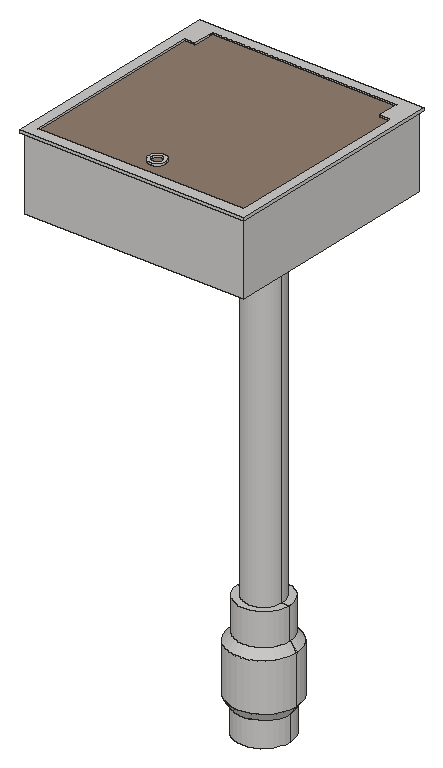
Revit family
Parameters (values of type "5812-02")
  Width = 10 1/2"
  Weight (lb) = 34.7
  Waste Connection = no
  Warranty = "1 year material and workmanship"  # constant formula
  Vent Connection = no
  URL = "http://www.jrsmith.com"
  Technical and Installation = "http://www.jrsmith.com/products/hyd/techdata/hydrants_technical_data.htm"
  SmartBIM Object Version = 3  # constant formula
  SmartBIM Object Created By = "Reed Construction Data"  # constant formula
  Product URL = "http://www.jrsmith.com/products/hyd/submittal/d5812.pdf"
  Pipe Size = 1 1/4"
  OmniClass Title = "Facility Water Distribution and Piping"  # constant formula
  OmniClass Code = "22-22 11 13"  # constant formula
  Model = "5812"  # constant formula
  Material Finish = Bronze
  Material = Stainless Steel
  Manufacturer = "Jay R. Smith Mfg. Co. "  # constant formula
  HW Connection = no
  Flow Rate = ""
  Description = "Bronze non-freeze ground hydrant with T handle key and bronze hydrant box"  # constant formula
  Depth of Bury = 25"
  Depth = 10 1/2"
  CW Connection = no
  Assembly Code = "D2020300"
  Action = "Key Turn "
  95 CSI = "15100"  # constant formula
  04 CSI = "22 11 13"  # constant formula
Types (7): name | Weight (lb)
  5812-02 | 34.7
  5812-03 | 36.79
  5812-04 | 39.43
  5812-05 | 43.28
  5812-06 | 47.47
  5812-07 | 51.65
  5812-08 | 51.65
Reference planes (in)
  plane 1 "Center (Front/Back)": y = 0
  plane 2: z = 0
  plane 3 "Center (Left/Right)": x = 0
  plane 4: z = 0.125
  plane 5: z = 0
  plane 6: x = -5.25
  plane 7: x = 5.25
  plane 8: y = 5.25
  plane 9: y = -5.25
  plane 10: z = 0.0625
  plane 11: z = -3.375
  plane 12: z = -3.25
  plane 13: x = -5.25
  plane 14: x = 5.125
  plane 15: y = 5.125
  plane 16: y = -5.125
  plane 17: x = 5.125
  plane 18: x = -5.125
  plane 19: x = -5
  plane 20: x = 5
  plane 21: y = 5
  plane 22: y = -5
  plane 23: y = 1.79386
  plane 24: y = -1.77823
  plane 25: x = 1.95992
  plane 26: x = 3.79485
  plane 27: z = -24.875
Forms (in)
  Extrusion 1, solid, material "Stainless Steel" <- "Material"
    sketch origin (-66.61573, 53.25, 0.12439) x (-1, 0, 0) y (0, -1, 0)
      loop
        line (-71.86573, 48) -> (-61.36573, 48) -> (-61.36573, 58.5) -> (-71.86573, 58.5) -> (-71.86573, 48)
      loop
        line (-71.43604, 57.975) -> (-71.43604, 49.40625) -> (-70.93448, 49.40625) -> (-70.93448, 48.40625) -> (-62.29698, 48.40625) -> (-62.29698, 49.40625) -> (-61.79698, 49.40625) -> (-61.79698, 57.975) -> (-71.43604, 57.975)
    from -0.12439 to 0.00061
  Extrusion 2, solid, material "Bronze" <- "Material Finish"
    sketch origin (-66.61573, 53.25, 0.12439) x (-1, 0, 0) y (0, -1, 0)
      loop
        line (-62.29698, 48.40625) -> (-62.29698, 49.40625) -> (-61.79698, 49.40625) -> (-61.79698, 57.975) -> (-71.43604, 57.975) -> (-71.43604, 49.40625) -> (-70.93448, 49.40625) -> (-70.93448, 48.40625) -> (-62.29698, 48.40625)
    from -0.12439 to -0.06189
  Extrusion 3, solid, material "Stainless Steel" <- "Material"
    sketch origin (-66.61573, 53.25, 0.12439) x (-1, 0, 0) y (0, -1, 0)
      loop
        circle (-66.61573, 57.0281) r 0.39706
      loop
        circle (-66.61573, 57.0281) r 0.25
    from 0.00061 to -0.06189
  Extrusion 4, solid, material "Stainless Steel" <- "Material"
    sketch origin (-66.61573, 53.25, 0.12439) x (-1, 0, 0) y (0, -1, 0)
      loop
        line (-71.74073, 48.125) -> (-61.49073, 48.125) -> (-61.49073, 58.375) -> (-71.74073, 58.375) -> (-71.74073, 48.125)
    from -0.12439 to -3.49939
  Extrusion 5, void
    sketch origin (0, 0, 0) x (1, 0, 0) y (0, 0, 1)
      loop
        line (-5, 0) -> (-5, -3.25) -> (5, -3.25) -> (5, 0) -> (-5, 0)
    from -5 to 5
  Revolve 6, solid, material "Stainless Steel" <- "Material"
    sketch origin (15.27801, 0, 0) x (1, 0, 0) y (0, 0, 1)
      loop
        line (-12.67435, -24.875) -> (-12.06808, -24.875) -> (-12.06808, -23.69696) -> (-11.7813, -23.28739) -> (-11.7813, -21.03739) -> (-12.10269, -20.65436) -> (-12.10269, -19.15436) -> (-12.45044, -19.15436) -> (-12.45044, -3.375) -> (-12.70044, -3.375) -> (-12.70044, -20.68391) -> (-12.95044, -20.68391) -> (-12.95044, -20.93391) -> (-12.30998, -20.93391) -> (-12.10269, -21.14121) -> (-12.10269, -23.19711) -> (-12.37796, -23.47238) -> (-12.87796, -23.47238) -> (-12.87796, -23.63821) -> (-13.01957, -23.63821) -> (-13.01957, -23.88821) -> (-12.69215, -23.88821) -> (-12.57713, -24.00322) -> (-12.57713, -24.16364) -> (-12.70275, -24.28926) -> (-12.8154, -24.28926) -> (-12.8154, -24.6307) -> (-12.67435, -24.875)
      axis (-13.31808, -24.875) -> (-13.31808, -3.375)
    angle from 0 to 360
Cuts and joins
  Extrusion 5 cuts Extrusion 1
  Extrusion 5 cuts Extrusion 2
  Extrusion 5 cuts Extrusion 4
Lines and regions (in)
  sketch lines
    curve 1: line (-60, 60, 0) -> (60, 60, 0)
    curve 2: line (-60, 60, 0) -> (-60, -60, 0)
    curve 3: line (-60, -60, 0) -> (60, -60, 0)
    curve 4: line (60, 60, 0) -> (60, -60, 0)
Dimensions and locks (in)
  equal spacing: curve 3, plane 1 "Center (Front/Back)", curve 1
  equal spacing: curve 4, plane 3 "Center (Left/Right)", curve 2
  curve 3 to curve 1 = 120"
  curve 2 to curve 4 = 120"
  locked: plane 4 to plane 5 at 0.125
  equal spacing: plane 6, plane 3 "Center (Left/Right)", plane 7
  "Width": plane 6 to plane 7
  equal spacing: plane 9, plane 1 "Center (Front/Back)", plane 8
  "Depth": plane 8 to plane 9
  locked: plane 4 to plane 10 at 0.0625
  plane 4 to plane 11 = 3 1/2"
  locked: plane 12 to plane 11 at 0.125
  plane 13 to plane 6 = 0"
  locked: plane 14 to plane 7 at 0.125
  locked: plane 8 to plane 15 at 0.125
  locked: plane 9 to plane 16 at 0.125
  locked: plane 9 to Extrusion 3 sketch curve at 1.4719
  locked: plane 17 to plane 7 at 0.125
  locked: plane 19 to plane 18 at 0.125
  locked: plane 20 to plane 17 at 0.125
  locked: plane 15 to plane 21 at 0.125
  locked: plane 16 to plane 22 at 0.125
  locked: plane 13 to plane 18 at 0.125
  "Depth of Bury": plane 27 to plane 4
  plane 27 to Revolve 6 sketch curve to Revolve 6 sketch curve to Revolve 6 sketch curve to Revolve 6 sketch curve to Revolve 6 sketch curve to Revolve 6 sketch curve to Revolve 6 sketch curve to Revolve 6 sketch curve to Revolve 6 sketch curve to Revolve 6 sketch curve to Revolve 6 sketch curve to Revolve 6 sketch curve to Revolve 6 sketch curve to Revolve 6 sketch curve to Revolve 6 sketch curve to Revolve 6 sketch curve = 0.2443" locked, 0.34143" locked, 0.12562" locked, 0.16042" locked, 0.11501" locked, 0.19125" locked, 0.05875" locked, 0.16584" locked, 0.18499" locked, 0.09028" locked, 2.0559" locked, 0.10382" locked, 0.10347" locked, 1/4" locked, 0.02955" locked, 1 1/2" locked
  aligned and locked: plane 2 to plane 5
  aligned and locked: Extrusion 3 to plane 10
  aligned and locked: plane 4 to Extrusion 3
  aligned and locked: Extrusion 2 to level
  aligned and locked: Extrusion 2 to Extrusion 3
  aligned and locked: plane 15 to Extrusion 4 sketch curve
  aligned and locked: plane 16 to Extrusion 4 sketch curve
  aligned and locked: Extrusion 2 sketch curve to Extrusion 1  (x7)
  aligned and locked: plane 3 "Center (Left/Right)" to Extrusion 3 sketch curve
  aligned and locked: Extrusion 4 to plane 17
  aligned and locked: Extrusion 4 to plane 11
  aligned and locked: Extrusion 4 to plane 18
  aligned and locked: Extrusion 5 sketch curve to plane 19
  aligned and locked: Extrusion 5 sketch curve to plane 5
  aligned and locked: Extrusion 5 sketch curve to plane 12
  aligned and locked: plane 20 to Extrusion 5 sketch curve
  aligned and locked: plane 22 to cut or joined group of Extrusion 4, Extrusion 5
  aligned and locked: plane 21 to cut or joined group of Extrusion 4, Extrusion 5
  aligned and locked: Revolve 6 sketch curve to plane 25
  aligned and locked: plane 11 to Revolve 6 sketch curve
  aligned and locked: plane 27 to Revolve 6 sketch curve
Automatic sketch dimensions
  Extrusion 1 sketch curve to plane 7 = 0"
  Extrusion 1 sketch curve to plane 6 = 0"
  Extrusion 1 sketch curve to plane 8 = 0"
  Extrusion 1 sketch curve to plane 9 = 0"
  plane 20 to Extrusion 1 sketch curve = 23/128"
  Extrusion 1 sketch curve to plane 21 = 5/32"
  plane 20 to Extrusion 1 sketch curve = 0.68125"
  plane 19 to Extrusion 1 sketch curve = 0.68125"
  plane 19 to Extrusion 1 sketch curve = 0.18125"
  Extrusion 1 sketch curve to Extrusion 1 sketch curve = 1"  (x2)
  Extrusion 1 sketch curve to plane 22 = 0.275"
  Extrusion 3 sketch curve to Extrusion 3 sketch curve = 0"  (x2)
  Extrusion 4 sketch curve to plane 14 = 0"
  Extrusion 4 sketch curve to plane 18 = 0"
  plane 19 to Extrusion 2 sketch curve = 0.18125"
  plane 25 to Revolve 6 sketch curve = 0.29851"
  plane 25 to Revolve 6 sketch curve = 0.36765"
  Revolve 6 sketch curve to Revolve 6 sketch curve = 0.14161"
  plane 25 to Revolve 6 sketch curve = 0.50269"
  Revolve 6 sketch curve to Revolve 6 sketch curve = 0.11264"
  Revolve 6 sketch curve to Revolve 6 sketch curve = 1/4"
  Revolve 6 sketch curve to Revolve 6 sketch curve = 0.18581"
  Revolve 6 sketch curve to Revolve 6 sketch curve = 0.14105"
  Revolve 6 sketch curve to Revolve 6 sketch curve = 0.12562"
  plane 25 to Revolve 6 sketch curve = 0.86765"
  Revolve 6 sketch curve to Revolve 6 sketch curve = 1/2"
  Revolve 6 sketch curve to Revolve 6 sketch curve = 0.39046"
  Revolve 6 sketch curve to Revolve 6 sketch curve = 0.34775"
  Revolve 6 sketch curve to Revolve 6 sketch curve = 0.20729"
  plane 26 to Revolve 6 sketch curve = 0.58492"
  plane 26 to Revolve 6 sketch curve = 0.29814"
  Revolve 6 sketch curve to plane 27 = 1.41912"
  Revolve 6 sketch curve to Revolve 6 sketch curve = 0.05747"
  radius of Extrusion 3 sketch curve = 0.39706"
  radius of Extrusion 3 sketch curve = 1/4"
Connectors (in)
  piping at (1.95992, 0, -24.875), driven by "Pipe Size"
    settings: on Revolve 6, index 1
